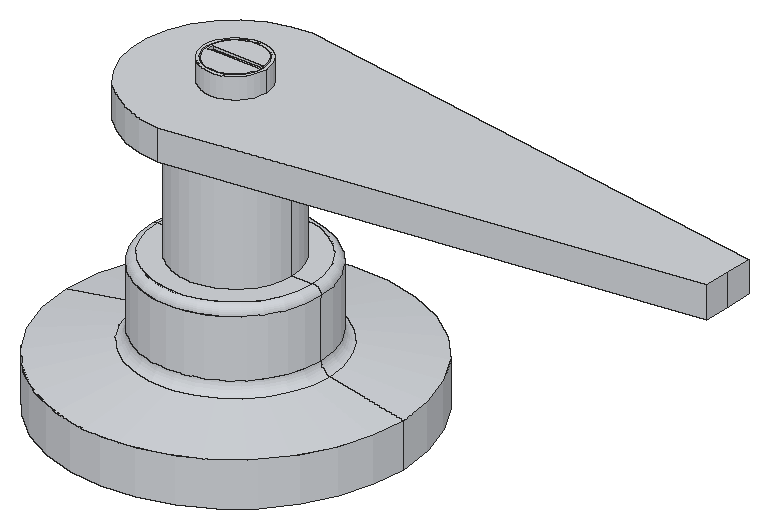
Revit family "HARDWARE_DOOR 2", category Furniture, host Face, Revit 2019
Family settings
  Host = Face
  Cut with Voids When Loaded = No
  Shared = Yes
  Room Calculation Point = No
Parameters
  M_BUTTON [instance] = none
  M_BODY [instance] = none
  Default Elevation = 1219.200 mm
  D_DOOR = 35.000 mm
Reference planes
  plane 1 "Center (Front/Back)": y = 0
  plane 2: z = 0
  plane 3 "Center (Left/Right)": x = 0
Forms (mm)
  Revolve 1, solid, material <- "M_BODY"
    sketch origin (0, 0, 0) x (1, 0, 0) y (0, 0, 1)
      loop
        line (-32.5, 0) -> (0, 0) -> (0, 56) -> (-11, 56) -> (-11, 26) -> (-15.01, 26)
        arc (-15.01, 26) -> (-16.134, 25.534) -> (-16.6, 24.41) r 1.59
        line (-16.6, 24.41) -> (-16.6, 13.302)
        arc (-16.6, 13.302) -> (-17.036, 11.918) -> (-18.187, 11.035) r 2.412
        line (-18.187, 11.035) -> (-32.5, 8.511) -> (-32.5, 0)
      axis (0, 0) -> (0, 56)
    angle from 0 to 360
  Extrusion 2, solid, material <- "M_BODY"
    sketch origin (0, 0, 0) x (1, 0, 0) y (0, 1, 0)
      loop
        line (95, 0) -> (95, 5.243) -> (0, 18.594)
        arc (0, 18.594) -> (-18.609, -0.015) -> (0, -18.624) r 18.609
        line (0, -18.624) -> (95, -4.862) -> (95, 0)
    from 50 to 56
  Extrusion 3, solid, material <- "M_BUTTON"
    sketch origin (0, 0, 0) x (1, 0, 0) y (0, 1, 0)
      loop
        circle (0, 0) r 6
    from 56 to 60
  Extrusion 4, void
    sketch origin (0, 0, 0) x (1, 0, 0) y (0, 1, 0)
      loop
        circle (0, 0) r 5.5
      loop
        line (-4.826, -0.5) -> (4.874, -0.5) -> (4.874, 0.5) -> (-4.826, 0.5) -> (-4.826, -0.5)
      loop
        circle (0, 0) r 5.25
    from 59.589 to 60
Cuts and joins
  Extrusion 4 cuts Revolve 1
  Extrusion 4 cuts Extrusion 2
  joined: Revolve 1, Extrusion 2
  Extrusion 4 cuts Extrusion 3
Dimensions and locks
  cut or joined group of Revolve 1, Extrusion 2, Extrusion 4 to plane 3 "Center (Left/Right)" = 95.000 mm
  cut or joined group of Revolve 1, Extrusion 2, Extrusion 4 to host face = 26.000 mm
  cut or joined group of Revolve 1, Extrusion 2, Extrusion 4 to cut or joined group of Revolve 1, Extrusion 2, Extrusion 4 = 65.000 mm
  cut or joined group of Revolve 1, Extrusion 2, Extrusion 4 to cut or joined group of Revolve 1, Extrusion 2, Extrusion 4 = 30.000 mm
  aligned and locked: plane 2 to host face
  aligned and locked: level to host face
  aligned and locked: Extrusion 3 to cut or joined group of Revolve 1, Extrusion 2, Extrusion 4
  aligned and locked: cut or joined group of Extrusion 3, Extrusion 4 to Extrusion 4
